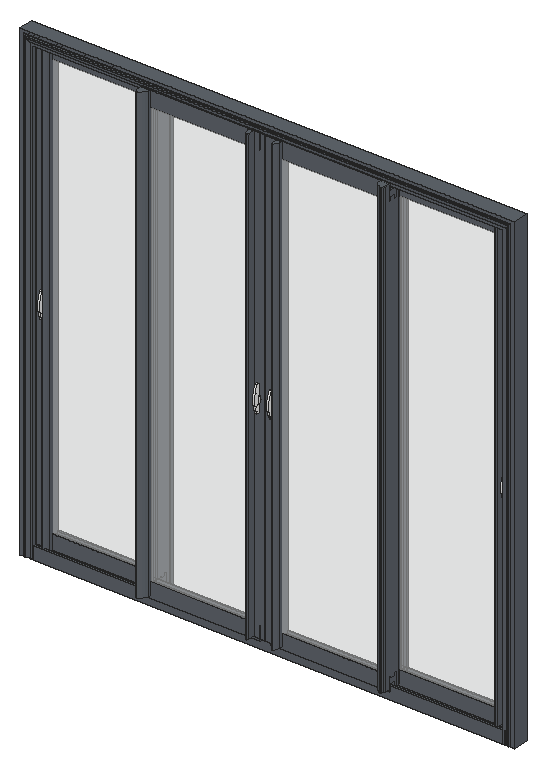
Revit family "Wicslide_65_Glass24_4_leaf_2_track_4_leaf_slide_or_2_inner_slide_2_outer_fixed", category Doors, host Wall, Revit 2014 (continued)
Definition of nested family "Leaf_Wicslide_65_meet_connect_in_handle_left"
  Dimensions and locks
    aligned and locked: Sweep 10 to Sweep 5 sketch curve
    aligned and locked: Sweep 10 to Sweep 1 sketch curve
    aligned and locked: nested 11 to plane 4
    aligned and locked: nested 11 to plane 1 "Center (Front/Back)"
    aligned and locked: nested 13 to plane 4
    aligned and locked: nested 13 to plane 1 "Center (Front/Back)"
    aligned and locked: nested 12 to plane 1 "Center (Front/Back)"
    aligned and locked: nested 12 to plane 4
    aligned and locked: Sweep 7 to Sweep 3 sketch curve
    aligned and locked: nested 14 to plane 19
    aligned and locked: nested 14 to plane 20
    aligned and locked: cut or joined group of Sweep 9, Extrusion 11 to plane 7
    aligned and locked: cut or joined group of Sweep 9, Extrusion 11 to plane 25
    aligned and locked: plane 26 to cut or joined group of Sweep 9, Extrusion 11
  Automatic sketch dimensions
    Sweep 1 sketch curve to plane 3 "Center (Left/Right)" = 1.381 mm
    plane 6 to Extrusion 2 sketch curve = 0 mm
    Extrusion 2 sketch curve to plane 7 = 0 mm
    plane 9 to Extrusion 2 sketch curve = 0 mm
    Extrusion 2 sketch curve to plane 8 = 0 mm
    plane 1 "Center (Front/Back)" to curve 1 = 0 mm
    curve 1 to plane 7 = 15 mm
    curve 1 to plane 11 = 4.6 mm
    Sweep 4 sketch curve to plane 4 = 0 mm
    curve 3 to plane 12 = 0 mm
    curve 2 to plane 13 = 0 mm
    curve 4 to plane 1 "Center (Front/Back)" = 0 mm
    curve 4 to plane 8 = 0 mm
    curve 3 to plane 8 = 0 mm
    curve 2 to plane 8 = 0 mm
    curve 4 to plane 9 = 0 mm
    curve 3 to plane 9 = 0 mm
    curve 2 to plane 9 = 0 mm
    plane 1 "Center (Front/Back)" to curve 5 = 0 mm
    profile plane to Sweep 3 sketch curve = 5.306 mm  (x2)
    Sweep 3 sketch curve to plane 18 = 21.6 mm
    plane 18 to Sweep 3 sketch curve = 0.034 mm
    plane 18 to Sweep 3 sketch curve = 12.094 mm
    Sweep 3 sketch curve to Sweep 3 sketch curve = 12.06 mm
    Sweep 3 sketch curve to plane 1 "Center (Front/Back)" = 16.029 mm
    Sweep 3 sketch curve to Sweep 3 sketch curve = 3.512 mm
    Sweep 3 sketch curve to plane 1 "Center (Front/Back)" = 11.883 mm
    plane 1 "Center (Front/Back)" to Sweep 3 sketch curve = 12.117 mm
    plane 1 "Center (Front/Back)" to Sweep 3 sketch curve = 12.671 mm
    Sweep 3 sketch curve to Sweep 3 sketch curve = 4.054 mm
    Sweep 1 sketch curve to level = 5 mm
    Sweep 4 sketch curve to level = 5 mm
    Sweep 5 sketch curve to plane 3 "Center (Left/Right)" = 0 mm
    Sweep 5 sketch curve to level = 5 mm
    Sweep 6 sketch curve to plane 3 "Center (Left/Right)" = 0 mm
    Sweep 6 sketch curve to level = 5.306 mm
    Sweep 7 sketch curve to level = 5.306 mm
    Sweep 8 sketch curve to plane 4 = 0 mm
    Sweep 8 sketch curve to level = 5 mm
    Sweep 9 sketch curve to plane 4 = 0 mm
    Sweep 9 sketch curve to level = 5 mm
    Sweep 7 sketch curve to plane 3 "Center (Left/Right)" = 0 mm
    Sweep 3 sketch curve to level = 0 mm
    Sweep 10 sketch curve to plane 5 = 0 mm
    plane 16 to Sweep 10 sketch curve = 15.362 mm
    plane 17 to Sweep 10 sketch curve = 15.663 mm
    Sweep 10 sketch curve to plane 1 "Center (Front/Back)" = 16.171 mm
    profile plane to Sweep 10 sketch curve = 57.541 mm
    Sweep 10 sketch curve to Sweep 10 sketch curve = 0 mm
    Sweep 10 sketch curve to Sweep 10 sketch curve = 16.102 mm
    profile plane to Sweep 10 sketch curve = 19.5 mm
    Sweep 10 sketch curve to profile plane = 10.5 mm  (x2)
    Sweep 10 sketch curve to plane 1 "Center (Front/Back)" = 12.671 mm
    Sweep 10 sketch curve to Sweep 10 sketch curve = 4.208 mm
    plane 1 "Center (Front/Back)" to Sweep 10 sketch curve = 12.037 mm
    plane 1 "Center (Front/Back)" to Sweep 10 sketch curve = 12.529 mm
    Sweep 10 sketch curve to Sweep 10 sketch curve = 3.5 mm
    Sweep 4 sketch curve to profile plane = 0 mm
    Sweep 4 sketch curve to plane 1 "Center (Front/Back)" = 18 mm
    Sweep 4 sketch curve to Sweep 4 sketch curve = 5.883 mm
    plane 1 "Center (Front/Back)" to Sweep 4 sketch curve = 11.883 mm
    Sweep 4 sketch curve to Sweep 4 sketch curve = 6.117 mm
    Sweep 4 sketch curve to Sweep 4 sketch curve = 9.453 mm
    profile plane to Sweep 4 sketch curve = 7.023 mm
    Sweep 4 sketch curve to Sweep 4 sketch curve = 12.003 mm  (x2)
    Sweep 4 sketch curve to profile plane = 18.975 mm
    plane 17 to Sweep 3 sketch curve = 15.663 mm
    Sweep 8 sketch curve to profile plane = 0 mm
    profile plane to Sweep 8 sketch curve = 7.45 mm
    Sweep 8 sketch curve to Sweep 8 sketch curve = 5.685 mm
    Sweep 8 sketch curve to Sweep 8 sketch curve = 1.859 mm
    Sweep 8 sketch curve to Sweep 8 sketch curve = 2.985 mm
    profile plane to Sweep 8 sketch curve = 18.975 mm
    Sweep 8 sketch curve to plane 1 "Center (Front/Back)" = 12.015 mm
    Sweep 8 sketch curve to Sweep 8 sketch curve = 10.729 mm
    Sweep 8 sketch curve to profile plane = 7 mm
    Sweep 8 sketch curve to Sweep 8 sketch curve = 12.026 mm  (x2)
    Sweep 8 sketch curve to plane 1 "Center (Front/Back)" = 12.117 mm
    Sweep 8 sketch curve to Sweep 8 sketch curve = 14.623 mm
    Sweep 8 sketch curve to Sweep 8 sketch curve = 20.253 mm
    Sweep 8 sketch curve to Sweep 8 sketch curve = 8.11 mm
    Sweep 8 sketch curve to Sweep 8 sketch curve = 1.002 mm
    plane 1 "Center (Front/Back)" to Sweep 8 sketch curve = 11.883 mm
    Sweep 8 sketch curve to Sweep 8 sketch curve = 6.117 mm
    Sweep 8 sketch curve to Sweep 8 sketch curve = 9.453 mm
    profile plane to Sweep 9 sketch curve = 18.975 mm
    Sweep 9 sketch curve to profile plane = 7.023 mm
    Sweep 9 sketch curve to profile plane = 19.026 mm
    Sweep 9 sketch curve to Sweep 9 sketch curve = 12.003 mm
    Sweep 9 sketch curve to plane 1 "Center (Front/Back)" = 52.8 mm
    Sweep 9 sketch curve to Sweep 9 sketch curve = 40.683 mm
    Sweep 9 sketch curve to Sweep 9 sketch curve = 24 mm
    Sweep 9 sketch curve to Sweep 9 sketch curve = 6.117 mm
    Sweep 9 sketch curve to Sweep 9 sketch curve = 9.453 mm
    Sweep 9 sketch curve to profile plane = 0 mm
    Sweep 5 sketch curve to plane 1 "Center (Front/Back)" = 18 mm
    profile plane to Sweep 5 sketch curve = 58.1 mm
    Sweep 5 sketch curve to Sweep 5 sketch curve = 10.918 mm
    Sweep 5 sketch curve to Sweep 5 sketch curve = 3.31 mm
    Sweep 5 sketch curve to Sweep 5 sketch curve = 1.085 mm  (x2)
    Sweep 5 sketch curve to Sweep 5 sketch curve = 1.687 mm
    profile plane to Sweep 5 sketch curve = 13.004 mm
    Sweep 5 sketch curve to Sweep 5 sketch curve = 0.954 mm
    Sweep 5 sketch curve to profile plane = 9.9 mm  (x2)
    Sweep 5 sketch curve to plane 1 "Center (Front/Back)" = 12.6 mm
    plane 1 "Center (Front/Back)" to Sweep 5 sketch curve = 12.6 mm
    plane 1 "Center (Front/Back)" to Sweep 5 sketch curve = 18 mm
    Sweep 5 sketch curve to Sweep 5 sketch curve = 9.59 mm
    Sweep 5 sketch curve to Sweep 5 sketch curve = 9 mm  (x2)
    profile plane to Sweep 7 sketch curve = 58.1 mm
    Sweep 7 sketch curve to Sweep 7 sketch curve = 0 mm
    Sweep 7 sketch curve to Sweep 7 sketch curve = 11.964 mm
    profile plane to Sweep 7 sketch curve = 12.05 mm
    Sweep 7 sketch curve to profile plane = 9.9 mm  (x2)
    Sweep 7 sketch curve to plane 1 "Center (Front/Back)" = 18 mm
    Sweep 7 sketch curve to Sweep 7 sketch curve = 5.4 mm
    Sweep 7 sketch curve to plane 1 "Center (Front/Back)" = 11.883 mm
    plane 1 "Center (Front/Back)" to Sweep 7 sketch curve = 12.117 mm
    plane 1 "Center (Front/Back)" to Sweep 7 sketch curve = 41 mm
    plane 1 "Center (Front/Back)" to Sweep 7 sketch curve = 12.6 mm
    Sweep 6 sketch curve to plane 1 "Center (Front/Back)" = 18 mm
    profile plane to Sweep 6 sketch curve = 58.1 mm
    Sweep 6 sketch curve to Sweep 6 sketch curve = 0 mm
    Sweep 6 sketch curve to Sweep 6 sketch curve = 12 mm
    profile plane to Sweep 6 sketch curve = 12.05 mm
    profile plane to Sweep 6 sketch curve = 6.1 mm
    Sweep 6 sketch curve to profile plane = 9.9 mm  (x2)
    Sweep 6 sketch curve to Sweep 6 sketch curve = 5.4 mm  (x2)
    Sweep 6 sketch curve to Sweep 6 sketch curve = 6.117 mm
    plane 1 "Center (Front/Back)" to Sweep 6 sketch curve = 12.117 mm
    plane 1 "Center (Front/Back)" to Sweep 6 sketch curve = 12.6 mm
    Sweep 6 sketch curve to Sweep 6 sketch curve = 25.883 mm
    Sweep 1 sketch curve to profile plane = 11.883 mm
    profile plane to Sweep 1 sketch curve = 59.481 mm
    Sweep 1 sketch curve to Sweep 1 sketch curve = 0.086 mm
    Sweep 1 sketch curve to Sweep 1 sketch curve = 11.914 mm
    profile plane to Sweep 1 sketch curve = 13.431 mm
    Sweep 1 sketch curve to profile plane = 8.519 mm  (x2)
    Sweep 1 sketch curve to profile plane = 12.6 mm
    Sweep 1 sketch curve to Sweep 1 sketch curve = 6.117 mm
    profile plane to Sweep 1 sketch curve = 12.117 mm
    profile plane to Sweep 1 sketch curve = 12.6 mm
    Sweep 1 sketch curve to Sweep 1 sketch curve = 5.883 mm
    plane 7 to Extrusion 11 sketch curve = 0 mm
    plane 12 to Extrusion 11 sketch curve = 0 mm
    plane 13 to Extrusion 11 sketch curve = 0 mm
    plane 17 to Extrusion 11 sketch curve = 19.662 mm
  Nested families
    nested 1: "window_2_pieces_glass_line" at (46.1, -12.117, 0), type "T24"
      with built-in parameter 1001306 2.7654 (stored number, unit not read)
    nested 2: "window_2_pieces_glass_line" at (0, -12.117, 1875.4) x (0, 0, -1) z (1, 0, 0), type "T24"
      with built-in parameter 1001306 6 (stored number, unit not read)
    nested 3: "Sash Verticals_1041260" at (-9.9, 18, 0), visible <- "Sash 1041260", type "Sash Verticals_1041260"
    nested 4: "Sash_horizontal_1041264" at (0, 0, 0) x (0, 1, 0) z (1, 0, 0), type "Sash_horizontal_1041264"
    nested 5: "Sash Verticals_1041261" at (-9.9, 18, 0), visible <- "Sash 1041261", type "Sash Verticals_1041261"
    nested 6: "Sash Verticals_1041262" at (-9.9, 18, 0), visible <- "Sash 1041262", type "Sash Verticals_1041262"
    nested 7: "Sash Verticals_1041263" at (-9.9, 18, 0), visible <- "Sash 1041263", type "Sash Verticals_1041263"
    nested 8: "Sash_lock" at (-9.884, 18, 0), type "Sash_lock"
    nested 9: "wicona_handle_2" at (20, -41, 956.633) x (-1, 0, 0) z (0, 0, 1), type "wicona_handle_2", detail levels medium+fine
    nested 10: "Sash_horizontal_1041264" at (0, 0, 1927.194) x (0, -1, 0) z (1, 0, 0), type "Sash_horizontal_1041264"
    nested 11: "Sash meeting 3041240" at (896, -18, 0), visible <- "Sash meeting 3041240", type "Sash meeting 3041240"
    nested 12: "Sash meeting_3041242" at (896, -18, 0), visible <- "Sash meeting 3041242", type "Sash meeting_3041242"
    nested 13: "Sash meeting_3041241" at (896, -18, 0), visible <- "Sash meeting 3041241", type "Sash meeting_3041241"
    nested 14: "wicona_handle_2d" at (20, -41, 0), type "wicona_handle_2d"
  Definition of nested family "wicona_handle_2"
    Parameters (values of type "wicona_handle_2")
      Leaf Thickness = 119.445 mm
      Handle Material = Aluminium
    Reference planes
      plane 1 "Center (Front/Back)": y = 0
      plane 2: z = 0
      plane 3 "Center (Left/Right)": x = 0
      plane 4: x = -12.5
      plane 5: x = 12.5
      plane 6: y = -25
    Forms (mm)
      Extrusion 1, solid, material "Aluminium" <- "Handle Material"
        sketch origin (0, 0, 0) x (1, 0, 0) y (0, 0, 1)
          loop
            line (0, 24.936) -> (0, -24.936)
            arc (0, -24.936) -> (9.865, 0) -> (0, 24.936) r 36.45
        from 0 to 7.131
      Extrusion 2, solid, material "Aluminium" <- "Handle Material"
        sketch origin (0, 0, 0) x (0, 1, 0) y (0, 0, 1)
          loop
            line (0, 61.209) -> (-11.38, 61.209)
            arc (-11.38, 61.209) -> (-25.13, 4.31) -> (-11.38, -52.589) r 124.599
            line (-11.38, -52.589) -> (0, -52.589) -> (0, 61.209)
        from -4.798 to 4.287
      Extrusion 3, solid, material "Aluminium" <- "Handle Material"
        sketch origin (-0.471, 0, 3.281) x (0.788011, 0, 0.615661) y (-0.615661, 0, 0.788011)
          loop
            line (-12.5, 3.457) -> (-12.5, -1.543) -> (2.5, -1.543) -> (2.5, 3.457) -> (-12.5, 3.457)
        from 0 to 7.131
    Dimensions and locks
      aligned and locked: level to plane 2
  Definition of nested family "window_2_pieces_glass_line"
    Parameters (values of type "T24")
      v1 = 5 mm
      line = 10 mm
      built-in parameter 1001306 [instance] = 1200 mm
      Glass Thickness = 24 mm
    Reference planes
      plane 1 "Center (Front/Back)": y = 0
      plane 2: z = 0
      plane 3 "Left": x = 0
      plane 4 "Right": x = 1200
      plane 5: y = 24
      plane 6: y = 5
      plane 7: y = 19
      plane 8: x = 10
      plane 9: x = 1190
    Lines and regions (mm)
      reference lines, in view "Ref. Level"
        curve 1: line (0, 0, 0) -> (1200, 0, 0)
      detail lines, in view "Ref. Level", detail levels medium+fine
        curve 2: line (0, 24, 0) -> (1200, 24, 0)
        curve 3: line (0, 0, 0) -> (1200, 0, 0)
      detail lines, in view "Ref. Level", detail levels fine
        curve 4: line (0, 19, 0) -> (1200, 19, 0)
        curve 5: line (0, 5, 0) -> (1200, 5, 0)
      model lines, style "DetailComponents", in view "Ref. Level", detail levels fine
        curve 6: line (10, 19, 0) -> (10, 5, 0)
      detail lines, style "DetailComponents", in view "Ref. Level", detail levels fine
        curve 7: line (1190, 19, 0) -> (1190, 5, 0)
      model lines, style "DetailComponents", in view "Ref. Level", detail levels medium+fine
        curve 8: line (1200, 24, 0) -> (1200, 0, 0)
      detail lines, style "DetailComponents", in view "Ref. Level", detail levels medium+fine
        curve 9: line (0, 24, 0) -> (0, 0, 0)
    Dimensions and locks
      "built-in parameter 1001306": plane 3 "Left" to plane 4 "Right"
      "Glass Thickness": plane 5 to plane 1 "Center (Front/Back)"
      plane 5 to plane 1 "Center (Front/Back)" = 24 mm
      "v1": plane 5 to plane 7
      "v1": plane 6 to plane 1 "Center (Front/Back)"
      "line": plane 3 "Left" to plane 8
      "line": plane 9 to plane 4 "Right"
      aligned and locked: plane 1 "Center (Front/Back)" to curve 1
      aligned and locked: plane 3 "Left" to curve 1
      aligned and locked: plane 4 "Right" to curve 1
      aligned and locked: plane 5 to curve 2
      aligned and locked: plane 7 to curve 4
      aligned and locked: plane 6 to curve 5
      aligned and locked: curve 5 to curve 6
      aligned and locked: curve 6 to plane 8
      aligned and locked: curve 5 to curve 7
      aligned and locked: curve 7 to plane 9
      aligned and locked: plane 1 "Center (Front/Back)" to curve 9
      aligned and locked: curve 9 to plane 3 "Left"
      aligned and locked: curve 2 to curve 8
      aligned and locked: curve 3 to curve 8
      aligned and locked: curve 8 to plane 4 "Right"
      aligned and locked: curve 4 to curve 7
      aligned and locked: curve 4 to curve 6
    Automatic sketch dimensions
      curve 5 to plane 4 "Right" = 0 mm
      curve 4 to plane 4 "Right" = 0 mm
      curve 3 to plane 4 "Right" = 0 mm
      curve 2 to plane 4 "Right" = 0 mm
  Definition of nested family "Sash Verticals_1041260"
    Reference planes
      plane 1 "Center (Front/Back)": y = 0
      plane 2: z = 0
      plane 3 "Center (Left/Right)": x = 0
      plane 4: y = -36
      plane 5: y = -18
    Lines and regions (mm)
      Filled region 1, type "Concrete", in view "Ref. Level", detail levels medium
        outline origin (18.997, 3.58, 0) x (1, 0, 0) y (0, 1, 0)
          loop
            line (-18.997, -3.58) -> (-18.997, -39.58) -> (49.003, -39.58) -> (49.003, -33.697) -> (37.039, -33.697) -> (37.039, -9.697) -> (49.003, -9.697) -> (49.003, -3.58) -> (-18.997, -3.58)
      model lines, style "GLAS", in view "Ref. Level", detail levels fine
        curve 1: line (96.036, -6.117, 0) -> (56.036, -6.117, 0)
        curve 2: line (56.036, -6.117, 0) -> (56.036, -30.117, 0)
        curve 3: line (56.036, -30.117, 0) -> (96.036, -30.117, 0)
  Definition of nested family "Sash_horizontal_1041264"
    Reference planes
      plane 1 "Center (Front/Back)": y = 0
      plane 2: z = 0
      plane 3 "Center (Left/Right)": x = 0
    Lines and regions (mm)
      Filled region 1, type "Concrete", in view "Ref. Level", detail levels medium
        outline origin (18.997, 3.58, 0) x (1, 0, 0) y (0, 1, 0)
          loop
            line (-35.168, -8.845) -> (-2.968, -8.845) -> (-2.968, 59.155) -> (-6.959, 59.155) -> (-6.959, 43.054) -> (-30.959, 43.054) -> (-30.959, 59.155) -> (-35.168, 59.155) -> (-35.168, -8.845)
      detail lines, style "GLAS", in view "Ref. Level", detail levels fine
        curve 1: line (-11.963, 46.634, 0) -> (-11.963, 86.634, 0)
        curve 2: line (12.037, 86.634, 0) -> (12.037, 46.634, 0)
        curve 26: line (-11.963, 86.634, 0) -> (-11.963, 46.634, 0)
        curve 27: line (-11.963, 46.634, 0) -> (12.037, 46.634, 0)
        curve 28: line (12.037, 46.634, 0) -> (12.037, 86.634, 0)
      detail lines, style "CENT3", in view "Ref. Level", not visible
        curve 3: line (123.517, -4.599, 0) -> (123.517, -38.599, 0)
      detail lines, style "GLAS", in view "Ref. Level", not visible
        curve 4: line (83.517, -9.599, 0) -> (123.517, -9.599, 0)
        curve 5: line (123.517, -9.599, 0) -> (123.517, -14.599, 0)
        curve 6: line (123.517, -14.599, 0) -> (83.517, -14.599, 0)
        curve 7: line (83.517, -14.599, 0) -> (83.517, -9.599, 0)
        curve 8: line (83.517, -28.599, 0) -> (123.517, -28.599, 0)
        curve 9: line (123.517, -28.599, 0) -> (123.517, -33.599, 0)
        curve 10: line (123.517, -33.599, 0) -> (83.517, -33.599, 0)
        curve 11: line (83.517, -33.599, 0) -> (83.517, -28.599, 0)
        curve 12: line (83.517, -10.599, 0) -> (123.517, -10.599, 0)
        curve 13: line (83.517, -11.599, 0) -> (123.517, -11.599, 0)
        curve 14: line (83.517, -12.599, 0) -> (123.517, -12.599, 0)
        curve 15: line (83.517, -13.599, 0) -> (123.517, -13.599, 0)
        curve 16: line (83.517, -14.599, 0) -> (123.517, -14.599, 0)
        curve 17: line (93.517, -14.599, 0) -> (93.517, -28.599, 0)
        curve 18: line (83.517, -28.599, 0) -> (123.517, -28.599, 0)
        curve 19: line (83.517, -29.599, 0) -> (123.517, -29.599, 0)
        curve 20: line (83.517, -30.599, 0) -> (123.517, -30.599, 0)
        curve 21: line (83.517, -31.599, 0) -> (123.517, -31.599, 0)
        curve 22: line (83.517, -32.599, 0) -> (123.517, -32.599, 0)
        curve 23: line (123.517, -9.599, 0) -> (83.517, -9.599, 0)
        curve 24: line (83.517, -9.599, 0) -> (83.517, -33.599, 0)
        curve 25: line (83.517, -33.599, 0) -> (123.517, -33.599, 0)
      detail lines, style "GLAS", in view "Ref. Level", not visible, detail levels fine
        curve 29: line (56.036, -6.117, 0) -> (96.036, -6.117, 0)
        curve 30: line (96.036, -30.117, 0) -> (56.036, -30.117, 0)
        curve 31: line (96.036, -6.117, 0) -> (56.036, -6.117, 0)
        curve 32: line (56.036, -6.117, 0) -> (56.036, -30.117, 0)
        curve 33: line (56.036, -30.117, 0) -> (96.036, -30.117, 0)
  Definition of nested family "Sash Verticals_1041261"
    Reference planes
      plane 1 "Center (Front/Back)": y = 0
      plane 2: z = 0
      plane 3 "Center (Left/Right)": x = 0
      plane 4: y = -36
      plane 5: y = -18
    Lines and regions (mm)
      Filled region 1, type "Concrete", in view "Ref. Level", detail levels medium
        outline origin (18.997, 3.58, 0) x (1, 0, 0) y (0, 1, 0)
          loop
            line (-18.997, -3.58) -> (-18.997, -62.58) -> (49.003, -62.58) -> (49.003, -33.697) -> (37.039, -33.697) -> (37.039, -9.697) -> (49.003, -9.697) -> (49.003, -3.58) -> (-18.997, -3.58)
      model lines, style "GLAS", in view "Ref. Level", detail levels fine
        curve 1: line (96.036, -6.117, 0) -> (56.036, -6.117, 0)
        curve 2: line (56.036, -6.117, 0) -> (56.036, -30.117, 0)
        curve 3: line (56.036, -30.117, 0) -> (96.036, -30.117, 0)
  Definition of nested family "Sash Verticals_1041262"
    Reference planes
      plane 1 "Center (Front/Back)": y = 0
      plane 2: z = 0
      plane 3 "Center (Left/Right)": x = 0
      plane 4: y = -36
      plane 5: y = -18
    Lines and regions (mm)
      Filled region 1, type "Concrete", in view "Ref. Level", detail levels medium
        outline origin (18.997, 3.58, 0) x (1, 0, 0) y (0, 1, 0)
          loop
            line (-18.997, -3.58) -> (-18.997, -39.58) -> (-2.997, -39.58) -> (-2.997, -59.58) -> (49.003, -59.58) -> (49.003, -33.697) -> (37.039, -33.697) -> (37.039, -9.697) -> (49.003, -9.697) -> (49.003, -3.58) -> (-18.997, -3.58)
      model lines, style "GLAS", in view "Ref. Level", detail levels fine
        curve 1: line (96.036, -6.117, 0) -> (56.036, -6.117, 0)
        curve 2: line (56.036, -6.117, 0) -> (56.036, -30.117, 0)
        curve 3: line (56.036, -30.117, 0) -> (96.036, -30.117, 0)
  Definition of nested family "Sash Verticals_1041263"
    Reference planes
      plane 1 "Center (Front/Back)": y = 0
      plane 2: z = 0
      plane 3 "Center (Left/Right)": x = 0
      plane 4: y = -36
      plane 5: y = -18
    Lines and regions (mm)
      Filled region 1, type "Concrete", in view "Ref. Level", detail levels medium
        outline origin (18.997, 3.58, 0) x (1, 0, 0) y (0, 1, 0)
          loop
            line (-18.997, -3.58) -> (-18.997, -39.58) -> (32.003, -39.58) -> (32.003, -64.58) -> (33.69, -72.495) -> (34.775, -73.58) -> (38.085, -73.58)
            arc (38.085, -73.58) -> (45.468, -61.921) -> (49.003, -48.58) r 45.352
            line (49.003, -48.58) -> (49.003, -33.697) -> (37.039, -33.697) -> (37.039, -9.697) -> (49.003, -9.697) -> (49.003, -3.58) -> (-18.997, -3.58)
      model lines, style "GLAS", in view "Ref. Level", detail levels fine
        curve 1: line (96.036, -6.117, 0) -> (56.036, -6.117, 0)
        curve 2: line (56.036, -6.117, 0) -> (56.036, -30.117, 0)
        curve 3: line (56.036, -30.117, 0) -> (96.036, -30.117, 0)
  Definition of nested family "Sash_lock"
    Reference planes
      plane 1 "Center (Front/Back)": y = 0
      plane 2: z = 0
      plane 3 "Center (Left/Right)": x = 0
      plane 4: y = -36
      plane 5: y = -18
  Definition of nested family "Sash meeting 3041240"
    Reference planes
      plane 1 "Center (Front/Back)": y = 0
      plane 2: z = 0
      plane 3 "Center (Left/Right)": x = 0
      plane 4: y = -36
      plane 5: y = -18
      plane 6: x = 18.975
    Lines and regions (mm)
      Filled region 1, type "Concrete", in view "Ref. Level", detail levels medium
        outline origin (18.997, 3.58, 0) x (1, 0, 0) y (0, 1, 0)
          loop
            line (-0.022, -39.58) -> (-0.022, 5.873) -> (-18.997, 5.873) -> (-18.997, -3.58) -> (-38.023, -3.58) -> (-38.023, -9.697) -> (-26.02, -9.697) -> (-26.02, -33.697) -> (-38.023, -33.697) -> (-38.023, -39.58) -> (-0.022, -39.58)
      detail lines, style "GLAS", in view "Ref. Level", detail levels fine
        curve 1: line (-7.023, -6.117, 0) -> (-7.023, -30.117, 0)
  Definition of nested family "Sash meeting_3041242"
    Reference planes
      plane 1 "Center (Front/Back)": y = 0
      plane 2: z = 0
      plane 3 "Center (Left/Right)": x = 0
      plane 4: y = -36
      plane 5: y = -18
      plane 6: x = 18.975
    Lines and regions (mm)
      Filled region 1, type "Concrete", in view "Ref. Level", detail levels medium
        outline origin (18.997, 3.58, 0) x (1, 0, 0) y (0, 1, 0)
          loop
            line (-0.022, -59.127) -> (-0.022, 5.873) -> (-18.997, 5.873) -> (-18.997, -3.58) -> (-38.023, -3.58) -> (-38.023, -9.697) -> (-26.02, -9.697) -> (-26.02, -33.697) -> (-38.023, -33.697) -> (-38.023, -48.32)
            arc (-38.023, -48.32) -> (-28.034, -66.62) -> (-11.546, -79.38) r 50.906
            line (-11.546, -79.38) -> (-5.862, -79.38) -> (-4.003, -78.378) -> (-1.018, -67.237) -> (-0.022, -59.127)
      detail lines, style "GLAS", in view "Ref. Level", detail levels fine
        curve 1: line (-7.023, -6.117, 0) -> (-7.023, -30.117, 0)
  Definition of nested family "Sash meeting_3041241"
    Reference planes
      plane 1 "Center (Front/Back)": y = 0
      plane 2: z = 0
      plane 3 "Center (Left/Right)": x = 0
      plane 4: y = -36
      plane 5: y = -18
      plane 6: x = 18.975
    Lines and regions (mm)
      Filled region 1, type "Concrete", in view "Ref. Level", detail levels medium
        outline origin (18.997, 3.58, 0) x (1, 0, 0) y (0, 1, 0)
          loop
            line (-0.022, -74.38) -> (-0.022, 5.873) -> (-18.997, 5.873) -> (-18.997, -3.58) -> (-38.023, -3.58) -> (-38.023, -9.697) -> (-26.02, -9.697) -> (-26.02, -33.697) -> (-38.023, -33.697) -> (-38.023, -74.38) -> (-0.022, -74.38)
      detail lines, style "GLAS", in view "Ref. Level", detail levels fine
        curve 1: line (-7.023, -6.117, 0) -> (-7.023, -30.117, 0)
  Definition of nested family "wicona_handle_2d"
    Reference planes
      plane 1 "Center (Front/Back)": y = 0
      plane 2: z = 0
      plane 3 "Center (Left/Right)": x = 0
    Lines and regions (mm)
      Filled region 1, type "Concrete", in view "Ref. Level", detail levels medium
        outline origin (18.997, 3.58, 0) x (1, 0, 0) y (0, 1, 0)
          loop
            line (-32.997, -3.58) -> (-32.997, -9.933) -> (-24.997, -13.663) -> (-24.997, -27.833) -> (-22.937, -29.893) -> (-14.406, -29.893) -> (-13.407, -28.894) -> (-12.884, -13.903) -> (-10.056, -13.145) -> (-10.056, -16.127) -> (-7.132, -23.016) -> (0.376, -23.016) -> (1.978, -21.414) -> (0.932, -15.482) -> (-2.662, -8.313) -> (-7.394, -3.58) -> (-32.997, -3.58)
      model lines, style "PIECES", in view "Ref. Level", detail levels fine
        curve 1: arc (14, -1.6, 0) -> (13.707, -0.893, 0) -> (13, -0.6, 0) r 1
        curve 2: arc (6.221, -10.26, 0) -> (7.596, -9.888, 0) -> (8.949, -9.443, 0) r 26.5
        curve 3: arc (-13.393, -7.367, 0) -> (-9.913, -9.076, 0) -> (-6.221, -10.26, 0) r 26.5
        curve 4: arc (11.211, -7.242, 0) -> (11.535, -6.913, 0) -> (11.677, -6.473, 0) r 1
        curve 5: line (11.793, -0.6, 0) -> (12.052, -0.6, 0)
        curve 6: line (12.052, -0.6, 0) -> (13, -0.6, 0)
        curve 7: line (8.949, -12.262, 0) -> (8.949, -8.492, 0)
        curve 8: line (-4.591, -26.312, 0) -> (4.591, -26.312, 0)
        curve 9: line (-5.814, -25, 0) -> (-6.068, -10.451, 0)
        curve 10: line (-6.068, -10.451, 0) -> (-6.221, -10.26, 0)
        curve 11: line (5.815, -24.927, 0) -> (6.068, -10.451, 0)
        curve 12: line (6.068, -10.451, 0) -> (6.221, -10.26, 0)
        curve 13: line (11.211, -7.242, 0) -> (10.341, -7.762, 0)
        curve 14: line (10.341, -7.762, 0) -> (9.463, -8.24, 0)
        curve 15: line (9.463, -8.24, 0) -> (8.565, -8.68, 0)
        curve 16: line (8.565, -8.68, 0) -> (7.649, -9.083, 0)
        curve 17: line (7.505, -9.142, 0) -> (7.006, -9.364, 0)
        curve 18: line (-13.393, -7.367, 0) -> (-13.886, -6.543, 0)
        curve 19: line (-13.886, -6.543, 0) -> (-14, 0, 0)
        curve 20: line (-14, 0, 0) -> (11.805, 0, 0)
        curve 21: line (11.805, 0, 0) -> (11.786, -1, 0)
        curve 22: line (11.786, -1, 0) -> (11.766, -2, 0)
        curve 23: line (11.766, -2, 0) -> (11.747, -2.999, 0)
        curve 24: line (11.747, -2.999, 0) -> (11.727, -3.999, 0)
        curve 25: line (11.727, -3.999, 0) -> (11.708, -4.999, 0)
        curve 26: line (11.708, -4.999, 0) -> (11.688, -5.999, 0)
        curve 27: line (11.688, -5.999, 0) -> (11.68, -6.413, 0)
        curve 28: line (12.793, -0.754, 0) -> (13.413, -1.137, 0)
        curve 29: line (13.413, -1.137, 0) -> (14.151, -1.812, 0)
        curve 30: line (14.151, -1.812, 0) -> (14.853, -2.523, 0)
        curve 31: line (14.853, -2.523, 0) -> (15.519, -3.269, 0)
        curve 32: line (15.519, -3.269, 0) -> (16.149, -4.046, 0)
        curve 33: line (16.149, -4.046, 0) -> (16.743, -4.851, 0)
        curve 34: line (16.743, -4.851, 0) -> (17.301, -5.68, 0)
        curve 35: line (17.301, -5.68, 0) -> (17.61, -6.174, 0)
        curve 36: line (12.052, -0.6, 0) -> (12.765, -0.743, 0)
        curve 37: line (17.643, -6.231, 0) -> (18.091, -7.125, 0)
        curve 38: line (18.091, -7.125, 0) -> (18.508, -8.034, 0)
        curve 39: line (18.508, -8.034, 0) -> (18.897, -8.955, 0)
        curve 40: line (18.897, -8.955, 0) -> (19.257, -9.888, 0)
        curve 41: line (19.257, -9.888, 0) -> (19.59, -10.831, 0)
        curve 42: line (19.59, -10.831, 0) -> (19.895, -11.783, 0)
        curve 43: line (19.895, -11.783, 0) -> (20.172, -12.744, 0)
        curve 44: line (20.172, -12.744, 0) -> (20.422, -13.712, 0)
        curve 45: line (20.422, -13.712, 0) -> (20.645, -14.687, 0)
        curve 46: line (20.645, -14.687, 0) -> (20.841, -15.667, 0)
        curve 47: line (20.841, -15.667, 0) -> (21.011, -16.653, 0)
        curve 48: line (21.011, -16.653, 0) -> (21.043, -16.863, 0)
        curve 49: line (21.043, -16.863, 0) -> (20.974, -17.852, 0)
        curve 50: line (20.974, -17.852, 0) -> (20.702, -18.43, 0)
        curve 51: line (20.702, -18.43, 0) -> (20.014, -19.149, 0)
        curve 52: line (20.014, -19.149, 0) -> (19.107, -19.554, 0)
        curve 53: line (19.107, -19.554, 0) -> (18.664, -19.6, 0)
        curve 54: line (18.664, -19.6, 0) -> (16.934, -19.6, 0)
        curve 55: line (16.934, -19.6, 0) -> (15.934, -19.6, 0)
        curve 56: line (15.934, -19.6, 0) -> (14.934, -19.6, 0)
        curve 57: line (14.934, -19.6, 0) -> (13.934, -19.6, 0)
        curve 58: line (13.934, -19.6, 0) -> (13.413, -19.6, 0)
        curve 59: line (13.413, -19.6, 0) -> (12.446, -19.377, 0)
        curve 60: line (12.446, -19.377, 0) -> (11.651, -18.781, 0)
        curve 61: line (11.651, -18.781, 0) -> (11.243, -18.216, 0)
        curve 62: line (11.243, -18.216, 0) -> (10.768, -17.336, 0)
        curve 63: line (10.768, -17.336, 0) -> (10.324, -16.441, 0)
        curve 64: line (10.324, -16.441, 0) -> (9.909, -15.531, 0)
        curve 65: line (9.909, -15.531, 0) -> (9.525, -14.608, 0)
        curve 66: line (9.525, -14.608, 0) -> (9.171, -13.672, 0)
        curve 67: line (9.162, -13.647, 0) -> (8.966, -12.67, 0)
        curve 68: line (8.963, -12.62, 0) -> (8.951, -12.312, 0)
        curve 69: arc (-5.814, -25, 0) -> (-5.429, -25.928, 0) -> (-4.501, -26.312, 0) r 1.312
        curve 70: arc (4.591, -26.312, 0) -> (5.454, -25.955, 0) -> (5.812, -25.091, 0) r 1.221
Definition of nested family "Leaf_Wicslide_65_2_leaf_2_track_both_sliding_or_1_fixed_1slide_mirror"
  Parameters (values of type "Leaf_Wicslide_65_2_leaf_2_track_both_sliding_or_1_fixed_1slide_mirror")
    Sash meeting 3041242 = yes
    Sash meeting 3041240 = no
    Sash meeting 3041241 = no
    Sash 1041263 = no
    Sash 1041260 = no
    Sash 1041261 = yes
    Sash 1041262 = no
    Profil Bottom = 4 mm
    Handle Distance = if(Sash 1041260, 18 mm, if(Sash 1041261, 41 mm, if(Sash 1041262, 38 mm, 18 mm)))  # 41 mm
    Leaf Width = 896 mm
    Leaf Material = Aluminium
    Leaf Height = 1922 mm
    Handle Material = Aluminium
    Handle Height = 850 mm  # constant formula
    Glass Width = 24 mm
    Glass Offset 2 = 7 mm  # constant formula
    Glass Offset = 46.1 mm  # constant formula
    Glass Material = WICONA -  Glass
    Glas Offset Bottom = 46.6 mm
    Frame Material = Aluminium
  Reference planes
    plane 1 "Center (Front/Back)": y = 0
    plane 2: z = 0
    plane 3 "Center (Left/Right)": x = 0
    plane 4: x = 896
    plane 5: z = 1922
    plane 6: x = 46.1
    plane 7: x = 889
    plane 8: z = 1875.4
    plane 9: z = 46.6
    plane 10: z = 896.6
    plane 11: x = 58.1
    plane 12: y = -12.117
    plane 13: y = 11.883
    plane 14: y = 7.334
    plane 15: y = 31.334
    plane 16: x = -3.312
    plane 17: x = 899.312
    plane 18: z = 46.6
    plane 19: y = -41
    plane 20: x = 20
    plane 21: z = 960.237
    plane 22: z = 1923.516
    plane 23: x = -1.516
    plane 24: y = -21.816
    plane 25: z = -5.306
    plane 26: z = 25
    plane 27: z = 4
  Forms (mm)
    Sweep 1, solid, material "Aluminium" <- "Leaf Material", visible <- "Sash 1041260"
      path origin (-1.381, 0, 34.551) x (1, 0, 0) y (0, 0, 1)
        loop
          line (0, -30.551) -> (0, 1897.949)
      profile origin (-1.381, 0, 968.25) x (-1, 0, 0) y (0, -1, 0)
        loop
          line (-59.481, -18) -> (8.519, -18) -> (8.519, -12.517) -> (-13.431, -12.517) -> (-13.431, 12.671) -> (8.519, 12.671) -> (8.519, 18) -> (-59.395, 18) -> (-59.395, 12.117) -> (-47.481, 12.117) -> (-47.481, -11.883) -> (-59.481, -11.883) -> (-59.481, -18)
    Extrusion 2, solid, material "WICONA -  Glass" <- "Glass Material", detail levels medium+fine
      sketch origin (-214.248, -550.766, -473.088) x (1, 0, 0) y (0, 0, 1)
        loop
          line (260.348, 2348.488) -> (260.348, 519.688) -> (1103.248, 519.688) -> (1103.248, 2348.488) -> (260.348, 2348.488)
      from -562.649 to -538.649
    Sweep 3, solid, material "Aluminium" <- "Leaf Material"
      path origin (0, 0, 0) x (1, 0, 0) y (0, 0, 1)
        loop
          line (12.05, 0) -> (914.975, 0)
      profile origin (463.512, 0, 0) x (0, 0, 1) y (0, -1, 0)
        loop
          line (-5.306, -16.029) -> (58.694, -16.029) -> (58.694, -11.883) -> (46.634, -11.883) -> (46.634, 12.117) -> (58.694, 12.117) -> (58.694, 16.171) -> (-5.306, 16.171) -> (-5.306, 12.671) -> (25, 12.671) -> (25, -12.517) -> (-5.306, -12.517) -> (-5.306, -16.029)
    Sweep 4, solid, material "Aluminium" <- "Leaf Material", visible <- "Sash meeting 3041240"
      path origin (0, 0, 0) x (1, 0, 0) y (0, 0, 1)
        loop
          line (896, 1932.5) -> (896, 4)
      profile origin (896, 0, 968.25) x (0, -1, 0) y (1, 0, 0)
        loop
          line (-18, -19.026) -> (-11.883, -19.026) -> (-11.883, -7.023) -> (12.117, -7.023) -> (12.117, -19.026) -> (18, -19.026) -> (18, 18.975) -> (-27.453, 18.975) -> (-27.453, 0) -> (-18, 0) -> (-18, -19.026)
    Sweep 5, solid, material "Aluminium" <- "Leaf Material", visible <- "Sash 1041263"
      path origin (0, 0, 0) x (1, 0, 0) y (0, 0, 1)
        loop
          line (0, 4) -> (0, 1932.5)
      profile origin (0, 0, 968.25) x (-1, 0, 0) y (0, -1, 0)
        loop
          line (9.9, -18) -> (9.9, -12.517) -> (-12.05, -12.517) -> (-12.05, 12.671) -> (9.9, 12.671) -> (9.9, 18) -> (-41.1, 18) -> (-41.1, 43) -> (-42.787, 50.915) -> (-43.872, 52) -> (-47.182, 52)
          arc (-47.182, 52) -> (-54.565, 40.341) -> (-58.1, 27) r 45.352
          line (-58.1, 27) -> (-58.1, -18) -> (9.9, -18)
    Sweep 6, solid, material "Aluminium" <- "Leaf Material", visible <- "Sash 1041262"
      path origin (0, 0, 0) x (1, 0, 0) y (0, 0, 1)
        loop
          line (0, 4) -> (0, 1932.5)
      profile origin (0, 0, 968.25) x (-1, 0, 0) y (0, -1, 0)
        loop
          line (-58.1, -18) -> (9.9, -18) -> (9.9, -12.517) -> (-12.05, -12.517) -> (-12.05, 12.671) -> (9.9, 12.671) -> (9.9, 18) -> (-6.1, 18) -> (-6.1, 38) -> (-58.1, 38) -> (-58.1, 12.117) -> (-46.1, 12.117) -> (-46.1, -11.883) -> (-58.1, -11.883) -> (-58.1, -18)
    Sweep 7, solid, material "Aluminium" <- "Leaf Material", visible <- "Sash 1041261"
      path origin (0, 0, 0) x (1, 0, 0) y (0, 0, 1)
        loop
          line (0, 4) -> (0, 1932.5)
      profile origin (0, 0, 968.25) x (-1, 0, 0) y (0, -1, 0)
        loop
          line (9.9, -18) -> (9.9, -12.517) -> (-12.05, -12.517) -> (-12.05, 12.671) -> (9.9, 12.671) -> (9.9, 41) -> (-58.1, 41) -> (-58.1, 12.117) -> (-46.136, 12.117) -> (-46.136, -11.883) -> (-58.1, -11.883) -> (-58.1, -18) -> (9.9, -18)
    Sweep 8, solid, material "Aluminium" <- "Leaf Material", visible <- "Sash meeting 3041242"
      path origin (0, 0, 0) x (1, 0, 0) y (0, 0, 1)
        loop
          line (896, 4) -> (896, 1932.5)
      profile origin (896, 0, 968.25) x (-1, 0, 0) y (0, -1, 0)
        loop
          line (19.026, -18) -> (19.026, -11.883) -> (7, -11.883) -> (7, 12.117) -> (19.026, 12.117) -> (19.026, 26.74)
          arc (19.026, 26.74) -> (9.037, 45.04) -> (-7.45, 57.8) r 50.906
          line (-7.45, 57.8) -> (-13.135, 57.8) -> (-14.994, 56.798) -> (-17.979, 45.657) -> (-18.975, 37.547) -> (-18.975, -27.453) -> (0, -27.453) -> (0, -18) -> (19.026, -18)
    Sweep 9, solid, material "Aluminium" <- "Leaf Material", visible <- "Sash meeting 3041241"
      path origin (0, 0, 0) x (1, 0, 0) y (0, 0, 1)
        loop
          line (896, 4) -> (896, 1932.5)
      profile origin (896, 0, 968.25) x (-1, 0, 0) y (0, -1, 0)
        loop
          line (0, -18) -> (19.026, -18) -> (19.026, -11.883) -> (7.023, -11.883) -> (7.023, 12.117) -> (19.026, 12.117) -> (19.026, 52.8) -> (-18.975, 52.8) -> (-18.975, -27.453) -> (0, -27.453) -> (0, -18)
    Sweep 10, solid, material "Aluminium" <- "Leaf Material"
      path origin (0, 0, 0) x (1, 0, 0) y (0, 0, 1)
        loop
          line (12.05, 1922) -> (914.975, 1922)
      profile origin (463.512, 0, 1922) x (0, 0, 1) y (0, -1, 0)
        loop
          line (10.5, 16.029) -> (-57.541, 16.029) -> (-57.541, 12.037) -> (-41.44, 12.037) -> (-41.44, -11.963) -> (-57.541, -11.963) -> (-57.541, -16.171) -> (10.5, -16.171) -> (10.5, -12.671) -> (-19.5, -12.671) -> (-19.5, 12.529) -> (10.5, 12.529) -> (10.5, 16.029)
    Extrusion 11, void
      sketch origin (0, 0, 0) x (1, 0, 0) y (0, 1, 0)
        loop
          line (918.785, 11.883) -> (889, 11.883) -> (889, -12.117) -> (918.785, -12.117) -> (918.785, 11.883)
      from -5.306 to 25
  Cuts and joins
    Extrusion 11 cuts Extrusion 2
    Extrusion 11 cuts Sweep 3
    Extrusion 11 cuts Sweep 4
    Extrusion 11 cuts Sweep 8
    Extrusion 11 cuts Sweep 9
  Lines and regions (mm)
    symbolic lines, style "GenericModel", detail levels medium+fine
      curve 1: line (62.7, 0, 0) -> (874, 0, 0)
      curve 2: line (0, 11.883, 1875.4) -> (0, 11.883, 46.6)
      curve 3: line (0, -12.117, 1875.4) -> (0, -12.117, 46.6)
      curve 4: line (0, 0, 1875.4) -> (0, 0, 46.6)
      curve 5: line (46.1, 0, 0) -> (889, 0, 0)
  Dimensions and locks
    "Leaf Width": plane 3 "Center (Left/Right)" to plane 4
    "Leaf Height": plane 5 to level
    "Glass Offset": plane 3 "Center (Left/Right)" to plane 6
    "Glass Offset 2": plane 7 to plane 4
    "Glas Offset Bottom": plane 5 to plane 8
    level to plane 10 = 896.6 mm
    "Glass Width": plane 15 to plane 14
    "Handle Height": plane 10 to plane 9
    "Glas Offset Bottom": plane 9 to level
    locked: plane 3 "Center (Left/Right)" to plane 16 at 3.312
    locked: plane 17 to plane 4 at 3.312
    locked: plane 3 "Center (Left/Right)" to plane 20 at 20
    "Handle Distance": plane 19 to plane 1 "Center (Front/Back)"
    plane 21 to level = 960.237 mm
    plane 24 to plane 1 "Center (Front/Back)" = 21.816 mm
    plane 26 to level to plane 25 = 25 mm locked, 5.306 mm locked
    "Profil Bottom": plane 27 to level
    aligned and locked: level to plane 2
    aligned and locked: plane 6 to nested 1
    aligned and locked: plane 7 to nested 1
    aligned and locked: plane 12 to nested 1
    aligned and locked: nested 2 to plane 8
    aligned and locked: nested 2 to plane 9
    aligned and locked: plane 12 to nested 2
    aligned and locked: plane 6 to curve 5
    aligned and locked: plane 7 to curve 5
    aligned and locked: plane 9 to plane 18
    aligned and locked: plane 4 to nested 4
    aligned and locked: nested 4 to plane 1 "Center (Front/Back)"
    aligned and locked: nested 3 to plane 3 "Center (Left/Right)"
    aligned and locked: nested 3 to plane 1 "Center (Front/Back)"
    aligned and locked: nested 5 to level
    aligned and locked: nested 5 to plane 1 "Center (Front/Back)"
    aligned and locked: nested 6 to plane 1 "Center (Front/Back)"
    aligned and locked: nested 6 to plane 3 "Center (Left/Right)"
    aligned and locked: nested 7 to plane 1 "Center (Front/Back)"
    aligned and locked: nested 7 to plane 3 "Center (Left/Right)"
    aligned and locked: nested 8 to plane 1 "Center (Front/Back)"
    aligned and locked: nested 8 to plane 3 "Center (Left/Right)"
    aligned and locked: plane 4 to nested 9
    aligned and locked: plane 4 to nested 10
    aligned and locked: nested 9 to plane 1 "Center (Front/Back)"
    aligned and locked: nested 10 to plane 1 "Center (Front/Back)"
    aligned and locked: Extrusion 2 to plane 6
    aligned and locked: plane 7 to Extrusion 2
    aligned and locked: plane 8 to Extrusion 2
    aligned and locked: Extrusion 2 to plane 9
    aligned and locked: Extrusion 2 to plane 13
    aligned and locked: plane 12 to Extrusion 2
    aligned and locked: Sweep 4 to Sweep 3 sketch curve
    aligned and locked: nested 11 to plane 1 "Center (Front/Back)"
    aligned and locked: nested 8 to nested 11
    aligned and locked: plane 19 to nested 12
    aligned and locked: nested 12 to plane 20
    aligned and locked: plane 21 to nested 12
    aligned and locked: plane 5 to nested 13
    aligned and locked: plane 1 "Center (Front/Back)" to nested 13
    aligned and locked: Sweep 10 to Sweep 4 sketch curve
    aligned and locked: Sweep 10 to Sweep 9 sketch curve
    aligned and locked: Sweep 10 to Sweep 8 sketch curve
    aligned and locked: Sweep 10 to Sweep 7 sketch curve
    aligned and locked: Sweep 10 to Sweep 6 sketch curve
    aligned and locked: Sweep 10 to Sweep 5 sketch curve
    aligned and locked: Sweep 10 to Sweep 1 sketch curve
    aligned and locked: Sweep 7 to Sweep 3 sketch curve
    aligned and locked: nested 14 to plane 19
    aligned and locked: nested 14 to plane 20
    aligned and locked: cut or joined group of Sweep 9, Extrusion 11 to plane 7
    aligned and locked: cut or joined group of Sweep 9, Extrusion 11 to plane 25
    aligned and locked: plane 26 to cut or joined group of Sweep 9, Extrusion 11
    aligned and locked: plane 27 to Sweep 7 sketch curve
    aligned and locked: plane 27 to Sweep 6 sketch curve
    aligned and locked: plane 27 to Sweep 5 sketch curve
    aligned and locked: plane 27 to Sweep 1 sketch curve
    aligned and locked: plane 27 to Sweep 9 sketch curve
    aligned and locked: plane 27 to Sweep 8 sketch curve
    aligned and locked: plane 27 to Sweep 4 sketch curve
  Automatic sketch dimensions
    Sweep 1 sketch curve to plane 3 "Center (Left/Right)" = 1.381 mm
    plane 6 to Extrusion 2 sketch curve = 0 mm
    Extrusion 2 sketch curve to plane 7 = 0 mm
    plane 9 to Extrusion 2 sketch curve = 0 mm
    Extrusion 2 sketch curve to plane 8 = 0 mm
    plane 1 "Center (Front/Back)" to curve 1 = 0 mm
    curve 1 to plane 7 = 15 mm
    curve 1 to plane 11 = 4.6 mm
    Sweep 4 sketch curve to plane 4 = 0 mm
    curve 3 to plane 12 = 0 mm
    curve 2 to plane 13 = 0 mm
    curve 4 to plane 1 "Center (Front/Back)" = 0 mm
    curve 4 to plane 8 = 0 mm
    curve 3 to plane 8 = 0 mm
    curve 2 to plane 8 = 0 mm
    curve 4 to plane 9 = 0 mm
    curve 3 to plane 9 = 0 mm
    curve 2 to plane 9 = 0 mm
    plane 1 "Center (Front/Back)" to curve 5 = 0 mm
    profile plane to Sweep 3 sketch curve = 5.306 mm  (x2)
    Sweep 3 sketch curve to plane 18 = 21.6 mm
    plane 18 to Sweep 3 sketch curve = 0.034 mm
    plane 18 to Sweep 3 sketch curve = 12.094 mm
    Sweep 3 sketch curve to Sweep 3 sketch curve = 12.06 mm
    Sweep 3 sketch curve to plane 1 "Center (Front/Back)" = 16.029 mm
    Sweep 3 sketch curve to Sweep 3 sketch curve = 3.512 mm
    Sweep 3 sketch curve to plane 1 "Center (Front/Back)" = 11.883 mm
    plane 1 "Center (Front/Back)" to Sweep 3 sketch curve = 12.117 mm
    plane 1 "Center (Front/Back)" to Sweep 3 sketch curve = 12.671 mm
    Sweep 3 sketch curve to Sweep 3 sketch curve = 4.054 mm
    Sweep 5 sketch curve to plane 3 "Center (Left/Right)" = 0 mm
    Sweep 6 sketch curve to plane 3 "Center (Left/Right)" = 0 mm
    Sweep 4 sketch curve to profile plane = 0 mm
    Sweep 4 sketch curve to plane 1 "Center (Front/Back)" = 27.453 mm
    Sweep 4 sketch curve to plane 1 "Center (Front/Back)" = 18 mm
    Sweep 4 sketch curve to Sweep 4 sketch curve = 6.117 mm
    plane 1 "Center (Front/Back)" to Sweep 4 sketch curve = 12.117 mm
    Sweep 4 sketch curve to Sweep 4 sketch curve = 5.883 mm
    profile plane to Sweep 4 sketch curve = 7.023 mm
    Sweep 4 sketch curve to Sweep 4 sketch curve = 12.003 mm  (x2)
    Sweep 4 sketch curve to profile plane = 18.975 mm
    Sweep 8 sketch curve to plane 4 = 0 mm
    Sweep 8 sketch curve to profile plane = 0 mm
    profile plane to Sweep 8 sketch curve = 7.45 mm
    Sweep 8 sketch curve to Sweep 8 sketch curve = 10.529 mm
    Sweep 8 sketch curve to Sweep 8 sketch curve = 0.996 mm
    plane 1 "Center (Front/Back)" to Sweep 8 sketch curve = 12.015 mm
    Sweep 8 sketch curve to Sweep 8 sketch curve = 10.729 mm
    Sweep 8 sketch curve to profile plane = 7 mm
    Sweep 8 sketch curve to Sweep 8 sketch curve = 12.026 mm  (x2)
    Sweep 8 sketch curve to plane 1 "Center (Front/Back)" = 11.883 mm
    Sweep 8 sketch curve to Sweep 8 sketch curve = 6.117 mm
    Sweep 8 sketch curve to Sweep 8 sketch curve = 9.453 mm
    plane 1 "Center (Front/Back)" to Sweep 8 sketch curve = 12.117 mm
    Sweep 8 sketch curve to Sweep 8 sketch curve = 14.623 mm
    Sweep 8 sketch curve to Sweep 8 sketch curve = 20.253 mm
    Sweep 8 sketch curve to Sweep 8 sketch curve = 8.11 mm
    Sweep 8 sketch curve to Sweep 8 sketch curve = 5.685 mm
    Sweep 8 sketch curve to Sweep 8 sketch curve = 1.859 mm
    Sweep 8 sketch curve to Sweep 8 sketch curve = 1.002 mm
    Sweep 9 sketch curve to plane 4 = 0 mm
    Sweep 9 sketch curve to profile plane = 0 mm
    profile plane to Sweep 9 sketch curve = 18.975 mm
    Sweep 9 sketch curve to profile plane = 7.023 mm
    Sweep 9 sketch curve to profile plane = 19.026 mm
    Sweep 9 sketch curve to Sweep 9 sketch curve = 12.003 mm
    Sweep 9 sketch curve to plane 1 "Center (Front/Back)" = 27.453 mm
    Sweep 9 sketch curve to plane 1 "Center (Front/Back)" = 11.883 mm
    plane 1 "Center (Front/Back)" to Sweep 9 sketch curve = 12.117 mm
    Sweep 9 sketch curve to Sweep 9 sketch curve = 40.683 mm
    Sweep 9 sketch curve to Sweep 9 sketch curve = 6.117 mm
    Sweep 7 sketch curve to plane 3 "Center (Left/Right)" = 0 mm
    Sweep 3 sketch curve to level = 0 mm
    Sweep 10 sketch curve to plane 5 = 0 mm
    plane 16 to Sweep 10 sketch curve = 15.362 mm
    plane 17 to Sweep 10 sketch curve = 15.663 mm
    Sweep 10 sketch curve to plane 1 "Center (Front/Back)" = 16.171 mm
    profile plane to Sweep 10 sketch curve = 57.541 mm
    Sweep 10 sketch curve to Sweep 10 sketch curve = 0 mm
    Sweep 10 sketch curve to Sweep 10 sketch curve = 16.102 mm
    profile plane to Sweep 10 sketch curve = 19.5 mm
    Sweep 10 sketch curve to profile plane = 10.5 mm  (x2)
    Sweep 10 sketch curve to plane 1 "Center (Front/Back)" = 12.671 mm
    Sweep 10 sketch curve to Sweep 10 sketch curve = 4.208 mm
    plane 1 "Center (Front/Back)" to Sweep 10 sketch curve = 12.037 mm
    plane 1 "Center (Front/Back)" to Sweep 10 sketch curve = 12.529 mm
    Sweep 10 sketch curve to Sweep 10 sketch curve = 3.5 mm
    Sweep 5 sketch curve to plane 1 "Center (Front/Back)" = 18 mm
    profile plane to Sweep 5 sketch curve = 58.1 mm
    Sweep 5 sketch curve to Sweep 5 sketch curve = 10.918 mm
    Sweep 5 sketch curve to Sweep 5 sketch curve = 3.31 mm
    Sweep 5 sketch curve to Sweep 5 sketch curve = 1.085 mm  (x2)
    Sweep 5 sketch curve to Sweep 5 sketch curve = 1.687 mm
    profile plane to Sweep 5 sketch curve = 13.004 mm
    Sweep 5 sketch curve to Sweep 5 sketch curve = 0.954 mm
    Sweep 5 sketch curve to profile plane = 9.9 mm  (x2)
    Sweep 5 sketch curve to plane 1 "Center (Front/Back)" = 12.517 mm
    plane 1 "Center (Front/Back)" to Sweep 5 sketch curve = 12.671 mm
    plane 1 "Center (Front/Back)" to Sweep 5 sketch curve = 18 mm
    Sweep 5 sketch curve to Sweep 5 sketch curve = 9.518 mm
    Sweep 5 sketch curve to Sweep 5 sketch curve = 9 mm  (x2)
    profile plane to Sweep 7 sketch curve = 58.1 mm
    Sweep 7 sketch curve to Sweep 7 sketch curve = 0 mm
    Sweep 7 sketch curve to Sweep 7 sketch curve = 11.964 mm
    profile plane to Sweep 7 sketch curve = 12.05 mm
    Sweep 7 sketch curve to profile plane = 9.9 mm  (x2)
    Sweep 7 sketch curve to plane 1 "Center (Front/Back)" = 18 mm
    Sweep 7 sketch curve to Sweep 7 sketch curve = 5.483 mm
    Sweep 7 sketch curve to plane 1 "Center (Front/Back)" = 11.883 mm
    plane 1 "Center (Front/Back)" to Sweep 7 sketch curve = 12.117 mm
    plane 1 "Center (Front/Back)" to Sweep 7 sketch curve = 41 mm
    plane 1 "Center (Front/Back)" to Sweep 7 sketch curve = 12.671 mm
    Sweep 6 sketch curve to plane 1 "Center (Front/Back)" = 18 mm
    profile plane to Sweep 6 sketch curve = 58.1 mm
    Sweep 6 sketch curve to Sweep 6 sketch curve = 0 mm
    Sweep 6 sketch curve to Sweep 6 sketch curve = 12 mm
    profile plane to Sweep 6 sketch curve = 12.05 mm
    profile plane to Sweep 6 sketch curve = 6.1 mm
    Sweep 6 sketch curve to profile plane = 9.9 mm  (x2)
    Sweep 6 sketch curve to Sweep 6 sketch curve = 5.483 mm
    Sweep 6 sketch curve to Sweep 6 sketch curve = 6.117 mm
    plane 1 "Center (Front/Back)" to Sweep 6 sketch curve = 12.117 mm
    plane 1 "Center (Front/Back)" to Sweep 6 sketch curve = 18 mm
    Sweep 6 sketch curve to Sweep 6 sketch curve = 20 mm
    Sweep 6 sketch curve to Sweep 6 sketch curve = 5.329 mm
    Sweep 1 sketch curve to profile plane = 18 mm
    profile plane to Sweep 1 sketch curve = 59.481 mm
    Sweep 1 sketch curve to Sweep 1 sketch curve = 0.086 mm
    Sweep 1 sketch curve to Sweep 1 sketch curve = 11.914 mm
    profile plane to Sweep 1 sketch curve = 13.431 mm
    Sweep 1 sketch curve to profile plane = 8.519 mm  (x2)
    Sweep 1 sketch curve to Sweep 1 sketch curve = 5.483 mm
    Sweep 1 sketch curve to profile plane = 11.883 mm
    profile plane to Sweep 1 sketch curve = 12.117 mm
    profile plane to Sweep 1 sketch curve = 12.671 mm
    Sweep 1 sketch curve to Sweep 1 sketch curve = 5.883 mm
    plane 13 to Extrusion 11 sketch curve = 0 mm
    plane 12 to Extrusion 11 sketch curve = 0 mm
    plane 7 to Extrusion 11 sketch curve = 0 mm
    plane 17 to Extrusion 11 sketch curve = 19.473 mm
  Nested families
    nested 1: "window_2_pieces_glass_line" at (46.1, -12.117, 0), type "T24"
      with built-in parameter 1001306 2.7654 (stored number, unit not read)
    nested 2: "window_2_pieces_glass_line" at (0, -12.117, 1875.4) x (0, 0, -1) z (1, 0, 0), type "T24"
      with built-in parameter 1001306 6 (stored number, unit not read)
    nested 3: "Sash Verticals_1041260" at (-9.9, 18, 0), visible <- "Sash 1041260", type "Sash Verticals_1041260"
    nested 4: "Sash meeting 3041240" at (896, 18, 0), visible <- "Sash meeting 3041240", type "Sash meeting 3041240"
    nested 5: "Sash_horizontal_1041264" at (0, 0, 0) x (0, 1, 0) z (1, 0, 0), type "Sash_horizontal_1041264"
    nested 6: "Sash Verticals_1041261" at (-9.9, 18, 0), visible <- "Sash 1041261", type "Sash Verticals_1041261"
    nested 7: "Sash Verticals_1041262" at (-9.9, 18, 0), visible <- "Sash 1041262", type "Sash Verticals_1041262"
    nested 8: "Sash Verticals_1041263" at (-9.9, 18, 0), visible <- "Sash 1041263", type "Sash Verticals_1041263"
    nested 9: "Sash meeting_3041241" at (896, 18, 0), visible <- "Sash meeting 3041241", type "Sash meeting_3041241"
    nested 10: "Sash meeting_3041242" at (896, 18, 0), visible <- "Sash meeting 3041242", type "Sash meeting_3041242"
    nested 11: "Sash_lock" at (-9.884, 18, 0), type "Sash_lock"
    nested 12: "wicona_handle_2" at (20, -41, 956.633) x (-1, 0, 0) z (0, 0, 1), type "wicona_handle_2", detail levels medium+fine
    nested 13: "Sash_horizontal_1041264" at (0, 0, 1927.194) x (0, -1, 0) z (1, 0, 0), type "Sash_horizontal_1041264"
    nested 14: "wicona_handle_2d" at (20, -41, 0), type "wicona_handle_2d"
  Definition of nested family "wicona_handle_2"
    Parameters (values of type "wicona_handle_2")
      Leaf Thickness = 119.445 mm
      Handle Material = Aluminium
    Reference planes
      plane 1 "Center (Front/Back)": y = 0
      plane 2: z = 0
      plane 3 "Center (Left/Right)": x = 0
      plane 4: x = -12.5
      plane 5: x = 12.5
      plane 6: y = -25
    Forms (mm)
      Extrusion 1, solid, material "Aluminium" <- "Handle Material"
        sketch origin (0, 0, 0) x (1, 0, 0) y (0, 0, 1)
          loop
            line (0, 24.936) -> (0, -24.936)
            arc (0, -24.936) -> (9.865, 0) -> (0, 24.936) r 36.45
        from 0 to 7.131
      Extrusion 2, solid, material "Aluminium" <- "Handle Material"
        sketch origin (0, 0, 0) x (0, 1, 0) y (0, 0, 1)
          loop
            line (0, 61.209) -> (-11.38, 61.209)
            arc (-11.38, 61.209) -> (-25.13, 4.31) -> (-11.38, -52.589) r 124.599
            line (-11.38, -52.589) -> (0, -52.589) -> (0, 61.209)
        from -4.798 to 4.287
      Extrusion 3, solid, material "Aluminium" <- "Handle Material"
        sketch origin (-0.471, 0, 3.281) x (0.788011, 0, 0.615661) y (-0.615661, 0, 0.788011)
          loop
            line (-12.5, 3.457) -> (-12.5, -1.543) -> (2.5, -1.543) -> (2.5, 3.457) -> (-12.5, 3.457)
        from 0 to 7.131
    Dimensions and locks
      aligned and locked: level to plane 2
  Definition of nested family "window_2_pieces_glass_line"
    Parameters (values of type "T24")
      v1 = 5 mm
      line = 10 mm
      built-in parameter 1001306 [instance] = 1200 mm
      Glass Thickness = 24 mm
    Reference planes
      plane 1 "Center (Front/Back)": y = 0
      plane 2: z = 0
      plane 3 "Left": x = 0
      plane 4 "Right": x = 1200
      plane 5: y = 24
      plane 6: y = 5
      plane 7: y = 19
      plane 8: x = 10
      plane 9: x = 1190
    Lines and regions (mm)
      reference lines, in view "Ref. Level"
        curve 1: line (0, 0, 0) -> (1200, 0, 0)
      detail lines, in view "Ref. Level", detail levels medium+fine
        curve 2: line (0, 24, 0) -> (1200, 24, 0)
        curve 3: line (0, 0, 0) -> (1200, 0, 0)
      detail lines, in view "Ref. Level", detail levels fine
        curve 4: line (0, 19, 0) -> (1200, 19, 0)
        curve 5: line (0, 5, 0) -> (1200, 5, 0)
      model lines, style "DetailComponents", in view "Ref. Level", detail levels fine
        curve 6: line (10, 19, 0) -> (10, 5, 0)
      detail lines, style "DetailComponents", in view "Ref. Level", detail levels fine
        curve 7: line (1190, 19, 0) -> (1190, 5, 0)
      model lines, style "DetailComponents", in view "Ref. Level", detail levels medium+fine
        curve 8: line (1200, 24, 0) -> (1200, 0, 0)
      detail lines, style "DetailComponents", in view "Ref. Level", detail levels medium+fine
        curve 9: line (0, 24, 0) -> (0, 0, 0)
    Dimensions and locks
      "built-in parameter 1001306": plane 3 "Left" to plane 4 "Right"
      "Glass Thickness": plane 5 to plane 1 "Center (Front/Back)"
      plane 5 to plane 1 "Center (Front/Back)" = 24 mm
      "v1": plane 5 to plane 7
      "v1": plane 6 to plane 1 "Center (Front/Back)"
      "line": plane 3 "Left" to plane 8
      "line": plane 9 to plane 4 "Right"
      aligned and locked: plane 1 "Center (Front/Back)" to curve 1
      aligned and locked: plane 3 "Left" to curve 1
      aligned and locked: plane 4 "Right" to curve 1
      aligned and locked: plane 5 to curve 2
      aligned and locked: plane 7 to curve 4
      aligned and locked: plane 6 to curve 5
      aligned and locked: curve 5 to curve 6
      aligned and locked: curve 6 to plane 8
      aligned and locked: curve 5 to curve 7
      aligned and locked: curve 7 to plane 9
      aligned and locked: plane 1 "Center (Front/Back)" to curve 9
      aligned and locked: curve 9 to plane 3 "Left"
      aligned and locked: curve 2 to curve 8
      aligned and locked: curve 3 to curve 8
      aligned and locked: curve 8 to plane 4 "Right"
      aligned and locked: curve 4 to curve 7
      aligned and locked: curve 4 to curve 6
    Automatic sketch dimensions
      curve 5 to plane 4 "Right" = 0 mm
      curve 4 to plane 4 "Right" = 0 mm
      curve 3 to plane 4 "Right" = 0 mm
      curve 2 to plane 4 "Right" = 0 mm
  Definition of nested family "Sash Verticals_1041260"
    Reference planes
      plane 1 "Center (Front/Back)": y = 0
      plane 2: z = 0
      plane 3 "Center (Left/Right)": x = 0
      plane 4: y = -36
      plane 5: y = -18
    Lines and regions (mm)
      Filled region 1, type "Concrete", in view "Ref. Level", detail levels medium
        outline origin (18.997, 3.58, 0) x (1, 0, 0) y (0, 1, 0)
          loop
            line (-18.997, -3.58) -> (-18.997, -39.58) -> (49.003, -39.58) -> (49.003, -33.697) -> (37.039, -33.697) -> (37.039, -9.697) -> (49.003, -9.697) -> (49.003, -3.58) -> (-18.997, -3.58)
      model lines, style "GLAS", in view "Ref. Level", detail levels fine
        curve 1: line (96.036, -6.117, 0) -> (56.036, -6.117, 0)
        curve 2: line (56.036, -6.117, 0) -> (56.036, -30.117, 0)
        curve 3: line (56.036, -30.117, 0) -> (96.036, -30.117, 0)
  Definition of nested family "Sash meeting 3041240"
    Reference planes
      plane 1 "Center (Front/Back)": y = 0
      plane 2: z = 0
      plane 3 "Center (Left/Right)": x = 0
      plane 4: y = -36
      plane 5: y = -18
      plane 6: x = 18.975
    Lines and regions (mm)
      Filled region 1, type "Concrete", in view "Ref. Level", detail levels medium
        outline origin (18.997, 3.58, 0) x (1, 0, 0) y (0, 1, 0)
          loop
            line (-0.022, -39.58) -> (-0.022, 5.873) -> (-18.997, 5.873) -> (-18.997, -3.58) -> (-38.023, -3.58) -> (-38.023, -9.697) -> (-26.02, -9.697) -> (-26.02, -33.697) -> (-38.023, -33.697) -> (-38.023, -39.58) -> (-0.022, -39.58)
      detail lines, style "GLAS", in view "Ref. Level", detail levels fine
        curve 1: line (-47.023, -6.117, 0) -> (-7.023, -6.117, 0)
        curve 2: line (-7.023, -6.117, 0) -> (-7.023, -30.117, 0)
        curve 3: line (-7.023, -30.117, 0) -> (-47.023, -30.117, 0)
